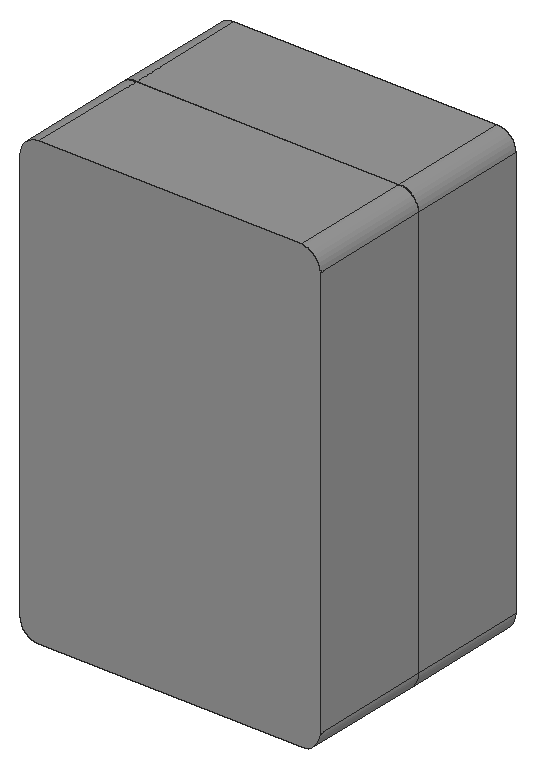
Revit family "Domotics-SerieCivili-GEWISS-27COMBI22-IP66_CONTENITORI_1PULSANTE_D22", category Apparecchi elettrici, host Muro, Revit 2016
Family settings
  Host = Muro
  Mantenere orientamento annotazione = No
  Tipo di parte = Normale
  Quota connettore circolare = Usa diametro
  Sempre verticale = Sì
  Taglio con vuoti quando caricato = No
  Condiviso = No
  Punto di calcolo locali = No
Parameters (values of type "GW27202 - Contenitore 1 posto pulsante emergenza")
  Viti coperchio = "Acciaio inox"
  Versione file RFA = "18.0"
  URL = "https://www.gewiss.com/it/it"
  Tipo sfondabili = "Asportabili con utensile"
  Termopressione con biglia = "70 °C"
  Temperatura di installazione = "-25 +60 °C"
  Scheda Tecnica = "https://www.gewiss.com/it/it/search?q=GW27202"
  SEO = "Contenitore"
  Produttore = "GEWISS S.p.A."
  Operatori Ã˜ 22 = "Emergenza (rosso)"
  Norma di riferimento: = "EN 60947-1 - EN 60947-5-1"
  Norma di riferimento = "EN 60947-1 - EN 60947-5-1"
  N. posti = "1"
  Modello = "GW27202"
  Immagine tipo = GW27202.jpg
  Scocca anteriore = Giallo
  Pulsante_1 = Pulsante emergenza - rosso
  Profondità = 65 mm
  Larghezza = 80 mm
  IFC.TypeObject = ""
  IFC.ExportType = ""
  IFC.ExportAs = ""
  IDT = "5a7eeb40-13d5-4b7f-8289-c5ccf35a1a1c"
  IDF = "efe26b69-63c3-467c-94fd-fe2566ba7e56"
  Grado di protezione = "IP66"
  Glow Wire Test = "650°C"
  Dim. esterne BxHxP (mm) = "66x82x65"
  Descrizione = "CONTENITORE 1POS.PULSANTE EMERGENZA"
  Creato da GEWISS S.p.A. = ""
  Coppia serraggio viti = "0,8NM"
  Contatti = "1 NA-1 NC"
  Colore = "Coperchio giallo"
  Codice Electrocod = "0212"
  Codice EAN = "8011564055575"
  Classe isolamento = "II"
  Catalogo Serie = "27COMBI"
  Catalogo = "DOMOTICS"
  COBie.Tagnumber = ""
  COBie.CreatedOn = ""
  COBie.CreatebBy = ""
  COBie.ComponentRegisterItemID = ""
  COBie.Component.TagNumber = ""
  COBie.Component.Space = ""
  COBie.Component.SerialNumber = ""
  COBie.Component.InstallationDate = ""
  COBie.Component.Description = ""
  COBie.Component.BarCode = ""
  Altezza = 120 mm
Types (2, lengths in mm): name | Scheda Tecnica | Operatori Ã˜ 22 | Modello | Immagine tipo | Scocca anteriore | Pulsante_1 | IDT | Descrizione | Contatti | Colore | Codice EAN
  GW27201 - Contenitore 1 posto pulsante generico nero | "https://www.gewiss.com/it/it/search?q=GW27201" | "Generico (nero)" | "GW27201" | GW27201.jpg | Grigio | Pulsante standard - nero | "5abca504-defb-4c72-826a-cd115c14c119" | "CONTENITORE 1POS.PULSANTE GENERICO NERO" | "1 NA" | "Grigio RAL 7035" | "8011564055568"
  GW27202 - Contenitore 1 posto pulsante emergenza | "https://www.gewiss.com/it/it/search?q=GW27202" | "Emergenza (rosso)" | "GW27202" | GW27202.jpg | Giallo | Pulsante emergenza - rosso | "5a7eeb40-13d5-4b7f-8289-c5ccf35a1a1c" | "CONTENITORE 1POS.PULSANTE EMERGENZA" | "1 NA-1 NC" | "Coperchio giallo" | "8011564055575"
Reference planes
  plane 1 "Muro": y = 0
  plane 2 "Centro (Sinistra/Destra)": x = 125
  plane 3 "Indietro": y = 150
  plane 4: z = 1089.176
  plane 5: z = 1029.176
  plane 6: x = 165
  plane 7: x = 85
  plane 8: z = 969.176
  plane 9: y = 215
  plane 10: y = 182.5
  plane 11: y = 241
  plane 12: y = 244
  plane 13: y = 218
Forms (mm)
  Extrusion 1, solid, material "Grigio"
    sketch origin (0, 0, -500) x (1, 0, 0) y (0, 0, 1)
      loop
        line (160, 1589.176) -> (90, 1589.176)
        arc (90, 1589.176) -> (86.464, 1587.712) -> (85, 1584.176) r 5
        line (85, 1584.176) -> (85, 1474.176)
        arc (85, 1474.176) -> (86.464, 1470.641) -> (90, 1469.176) r 5
        line (90, 1469.176) -> (160, 1469.176)
        arc (160, 1469.176) -> (163.536, 1470.641) -> (165, 1474.176) r 5
        line (165, 1474.176) -> (165, 1584.176)
        arc (165, 1584.176) -> (163.536, 1587.712) -> (160, 1589.176) r 5
    from -182.5 to -150
  Extrusion 2, solid, material "Giallo" <- "Scocca anteriore"
    sketch origin (0, 0, -500) x (1, 0, 0) y (0, 0, 1)
      loop
        line (160, 1589.176) -> (90, 1589.176)
        arc (90, 1589.176) -> (86.464, 1587.712) -> (85, 1584.176) r 5
        line (85, 1584.176) -> (85, 1474.176)
        arc (85, 1474.176) -> (86.464, 1470.641) -> (90, 1469.176) r 5
        line (90, 1469.176) -> (160, 1469.176)
        arc (160, 1469.176) -> (163.536, 1470.641) -> (165, 1474.176) r 5
        line (165, 1474.176) -> (165, 1584.176)
        arc (165, 1584.176) -> (163.536, 1587.712) -> (160, 1589.176) r 5
    from -182.5 to -215
  Revolve 3, solid, material "Pulsante emergenza - rosso" <- "Pulsante_1", detail levels fine
    sketch origin (125, 0, -500) x (0, 1, 0) y (0, 0, 1)
      loop
        line (218, 1529.176) -> (241, 1529.176) -> (241, 1544.599) -> (218, 1542.497) -> (218, 1529.176)
      axis (241, 1529.176) -> (218, 1529.176)
    angle from 0 to 360
  Revolve 4, solid, material "Giallo" <- "Scocca anteriore"
    sketch origin (125, 0, -500) x (0, 1, 0) y (0, 0, 1)
      loop
        line (218, 1542.497) -> (215, 1542.497) -> (215, 1529.176) -> (218, 1529.176) -> (218, 1542.497)
      axis (218, 1529.176) -> (215, 1529.176)
    angle from 0 to 360
  Extrusion 5, void, detail levels fine
    sketch origin (0, 0, -500) x (1, 0, 0) y (0, 0, 1)
      loop
        line (121.294, 1543.009) -> (121.008, 1544.074)
        arc (121.008, 1544.074) -> (117.289, 1542.533) -> (114.095, 1540.082) r 15.423
        line (114.095, 1540.082) -> (114.874, 1539.303)
        arc (114.874, 1539.303) -> (117.84, 1541.578) -> (121.294, 1543.009) r 14.321
      loop
        arc (128.706, 1543.009) -> (132.16, 1541.578) -> (135.126, 1539.303) r 14.321
        line (135.126, 1539.303) -> (135.905, 1540.082)
        arc (135.905, 1540.082) -> (132.711, 1542.533) -> (128.992, 1544.074) r 15.423
        line (128.992, 1544.074) -> (128.706, 1543.009)
      loop
        arc (121.294, 1515.344) -> (117.84, 1516.775) -> (114.874, 1519.05) r 14.321
        line (114.874, 1519.05) -> (114.095, 1518.271)
        arc (114.095, 1518.271) -> (117.289, 1515.82) -> (121.008, 1514.279) r 15.423
        line (121.008, 1514.279) -> (121.294, 1515.344)
      loop
        line (111.167, 1532.883) -> (110.103, 1533.168)
        arc (110.103, 1533.168) -> (109.577, 1529.176) -> (110.103, 1525.185) r 15.423
        line (110.103, 1525.185) -> (111.167, 1525.47)
        arc (111.167, 1525.47) -> (110.679, 1529.176) -> (111.167, 1532.883) r 14.321
      loop
        arc (138.833, 1532.883) -> (139.321, 1529.176) -> (138.833, 1525.47) r 14.321
        line (138.833, 1525.47) -> (139.897, 1525.185)
        arc (139.897, 1525.185) -> (140.423, 1529.176) -> (139.897, 1533.168) r 15.423
        line (139.897, 1533.168) -> (138.833, 1532.883)
      loop
        arc (135.126, 1519.05) -> (132.16, 1516.775) -> (128.706, 1515.344) r 14.321
        line (128.706, 1515.344) -> (128.992, 1514.279)
        arc (128.992, 1514.279) -> (132.711, 1515.82) -> (135.905, 1518.271) r 15.423
        line (135.905, 1518.271) -> (135.126, 1519.05)
    from -241 to -218
  Extrusion 6, solid, material "Pulsante emergenza - rosso" <- "Pulsante_1", detail levels fine
    sketch origin (0, 0, -500) x (1, 0, 0) y (0, 0, 1)
      loop
        circle (125, 1529.176) r 15.423
    from -244 to -241
Cuts and joins
  Extrusion 5 cuts Revolve 3
Lines and regions (mm)
  model lines, detail levels fine
    curve 1: circle (157.854, 215, 1081.654) r 2.95 normal (0, -1, 0)
    curve 2: circle (92.146, 215, 1081.654) r 2.95 normal (0, 1, 0)
    curve 3: circle (157.854, 215, 976.699) r 2.95 normal (0, 1, 0)
    curve 4: circle (92.146, 215, 976.699) r 2.95 normal (0, -1, 0)
Text (mm)
  text "Lato posizionamento" at (-1848.837, 1116.779, 0), in view "Livello rif."
  text "Lato posizionamento" at (0, 1285.74, 1740.657), in view "Sinistra"
  text "Lato posizionamento" at (0, 499.811, 2980.732), in view "Destra"
Dimensions and locks
  locked: plane 3 "Indietro" to host wall
  "Larghezza": plane 7 to plane 6
  "Altezza": plane 8 to plane 4
  equal spacing: plane 8, plane 5, plane 4
  equal spacing: plane 7, plane 2 "Centro (Sinistra/Destra)", plane 6
  locked: plane 12 to plane 11 at 3
  locked: plane 13 to plane 9 at 3
  locked: plane 11 to plane 13 at 23
  equal spacing: plane 9, plane 10, plane 3 "Indietro"
  "Profondità": plane 9 to plane 3 "Indietro"
  aligned and locked: plane 1 "Muro" to host wall
  aligned and locked: plane 4 to Extrusion 1 sketch curve
  aligned and locked: Extrusion 1 sketch curve to plane 6
  aligned and locked: Extrusion 1 sketch curve to plane 8
  aligned and locked: plane 7 to Extrusion 1 sketch curve
  aligned and locked: plane 6 to Extrusion 2 sketch curve
  aligned and locked: plane 8 to Extrusion 2 sketch curve
  aligned and locked: Extrusion 2 sketch curve to plane 4
  aligned and locked: plane 10 to Extrusion 1
  aligned and locked: Extrusion 2 to Extrusion 1
  aligned and locked: Extrusion 1 to host wall
  aligned and locked: Extrusion 5 to Revolve 3  (x2)
  aligned and locked: Extrusion 6 to plane 12
  aligned and locked: Revolve 3 sketch curve to plane 11
  aligned and locked: Extrusion 6 to cut or joined group of Revolve 3, Extrusion 5
  aligned and locked: cut or joined group of Revolve 3, Extrusion 5 to plane 13
  aligned and locked: Revolve 4 to plane 13
  aligned and locked: plane 9 to Extrusion 2
Automatic sketch dimensions
  Extrusion 1 sketch curve to plane 7 = 5 mm
  Extrusion 1 sketch curve to plane 4 = 5 mm
  Extrusion 1 sketch curve to Extrusion 1 sketch curve = 5 mm  (x2)
  plane 7 to Extrusion 2 sketch curve = 0 mm
  Extrusion 2 sketch curve to plane 7 = 5 mm  (x2)
  Extrusion 2 sketch curve to Extrusion 2 sketch curve = 5 mm
  plane 6 to Extrusion 2 sketch curve = 5 mm
  Extrusion 5 sketch curve to Extrusion 5 sketch curve = 0 mm  (x153)
  Extrusion 5 sketch curve to Extrusion 5 sketch curve = 0.285 mm  (x4)
  Extrusion 5 sketch curve to Extrusion 5 sketch curve = 1.065 mm  (x4)
  Extrusion 5 sketch curve to plane 2 "Centro (Sinistra/Destra)" = 3.706 mm
  Extrusion 5 sketch curve to Extrusion 5 sketch curve = 6.42 mm  (x8)
  Extrusion 5 sketch curve to Extrusion 5 sketch curve = 0.779 mm  (x6)
  plane 5 to Extrusion 5 sketch curve = 3.706 mm  (x2)
  Extrusion 5 sketch curve to Extrusion 5 sketch curve = 3.706 mm  (x2)
  Extrusion 5 sketch curve to plane 5 = 3.706 mm  (x2)
  plane 5 to Extrusion 5 sketch curve = 3.992 mm  (x2)
  Extrusion 5 sketch curve to plane 5 = 3.992 mm  (x2)
  plane 2 "Centro (Sinistra/Destra)" to Extrusion 5 sketch curve = 3.706 mm  (x2)
  Extrusion 5 sketch curve to plane 2 "Centro (Sinistra/Destra)" = 0 mm
  Extrusion 5 sketch curve to plane 5 = 0 mm
  Extrusion 5 sketch curve to plane 2 "Centro (Sinistra/Destra)" = 3.992 mm
  Revolve 4 sketch curve to plane 5 = 0 mm  (x2)
  Revolve 4 sketch curve to plane 9 = 0 mm
  Revolve 4 sketch curve to Revolve 4 sketch curve = 3 mm
  plane 5 to Revolve 4 sketch curve = 13.321 mm
  host wall to Revolve 4 sketch curve = 1175 mm
  Revolve 4 sketch curve to plane 12 = 1354.439 mm
  Extrusion 2 to curve 2 = 7.146 mm
  Extrusion 2 to curve 4 = 7.146 mm
  Extrusion 2 to curve 3 = 7.146 mm
  Extrusion 2 to curve 1 = 7.146 mm
  Extrusion 2 to curve 3 = 7.523 mm
  Extrusion 2 to curve 4 = 7.523 mm
  Extrusion 2 to curve 2 = 7.523 mm
  Extrusion 2 to curve 1 = 7.523 mm
  Extrusion 6 sketch curve to plane 2 "Centro (Sinistra/Destra)" = 0 mm
  Extrusion 6 sketch curve to plane 5 = 0 mm
  Revolve 3 sketch curve to plane 5 = 0 mm  (x2)
  Revolve 3 sketch curve to plane 13 = 0 mm
  Revolve 3 sketch curve to Revolve 3 sketch curve = 15.423 mm
  host wall to Revolve 3 sketch curve = 1175 mm
  Revolve 3 sketch curve to plane 12 = 1354.439 mm
  Revolve 3 sketch curve to Revolve 3 sketch curve = 13.321 mm
  radius of curve 1 = 2.95 mm
  radius of curve 2 = 2.95 mm
  radius of curve 3 = 2.95 mm
  radius of curve 4 = 2.95 mm
  radius of Extrusion 6 sketch curve = 15.423 mm
